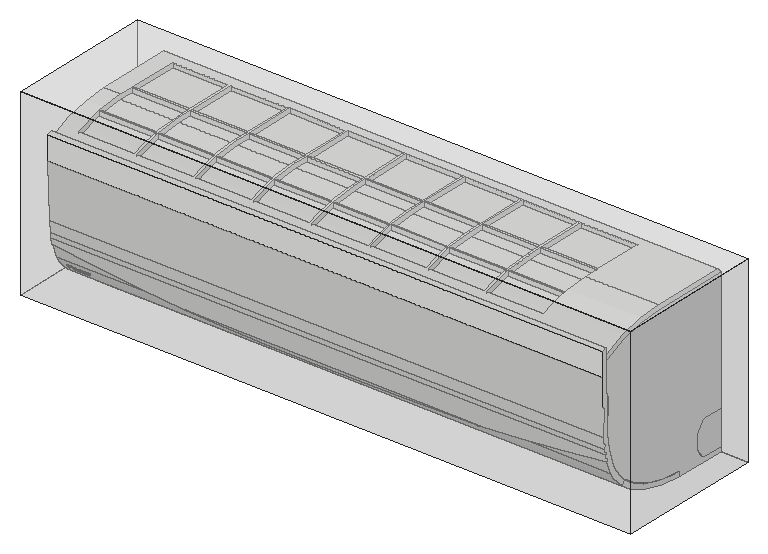
Revit family "outputfile", category 機械設備, Revit 2024
Family settings
  丸型コネクタ寸法 = 半径を使用
  パーツ タイプ = 標準
  OmniClass 番号 = 23.75.10.24.21.27.27
  OmniClass タイトル = Split System Air Conditioning Units
  作業面ベース = いいえ
  常に垂直 = はい
  ロード時にボイドで切り取り = いいえ
  注釈の向きを維持 = いいえ
  共有 = いいえ
  部屋計算ポイント = いいえ
Parameters (values of type "FTKM71Q2VMA")
  書き出し IFC クラス(タイプ) = "IfcUnitaryEquipmentType"
  定義済み IFC タイプ(タイプ) = "AIRCONDITIONINGUNIT"
  Cost = 0
  Type Comments = ""
  Keynote = ""
  Type Image = (empty or 0)
  Assembly Code = ""
  w_wall hole = if(Width = 770.0 mm, 48.0 mm, 60.0 mm)  # 60.0 mm
  製造元 = "Daikin"
  モデル = "FTKM71Q2VMA"
  switch_frequency = yes
  r_Liquid Pipe Size = Liquid Pipe Size / 2  # 3.2 mm
  r_Gas Pipe Size = Gas Pipe Size / 2  # 7.95 mm
  r_Drain Pipe Size = Drain Pipe Size / 2  # 8.0 mm
  lw_powersupply [instance] = if(Width = 770.0 mm, if(or(Rear Right Connection_refrigerant, Bottom Right Connection_refrigerant), 25.0 mm, if(or(Rear Left Connection_refrigerant, Bottom Left Connection_refrigerant), 745.0 mm, 400.0 mm)), if(Width = 990.0 mm, if(or(Rear Right Connection_refrigerant, Bottom Right Connection_refrigerant), 40.0 mm, if(or(Rear Left Connection_refrigerant, Bottom Left Connection_refrigerant), 920.0 mm, 400.0 mm)), if(or(Rear Right Connection_refrigerant, Bottom Right Connection_refrigerant), 40.0 mm, if(or(Rear Left Connection_refrigerant, Bottom Left Connection_refrigerant), 920.0 mm, 400.0 mm))))  # 400.0 mm
  lw_liquidpipe [instance] = if(Width = 770.0 mm, if(or(Rear Right Connection_refrigerant, Bottom Right Connection_refrigerant), 0.0 mm, if(or(Rear Left Connection_refrigerant, Bottom Left Connection_refrigerant), 664.0 mm, 385.0 mm)), if(Width = 990.0 mm, if(or(Rear Right Connection_refrigerant, Bottom Right Connection_refrigerant), 0.0 mm, if(or(Rear Left Connection_refrigerant, Bottom Left Connection_refrigerant), 664.0 mm + (990.0 mm - 770.0 mm), 475.0 mm)), if(or(Rear Right Connection_refrigerant, Bottom Right Connection_refrigerant), 0.0 mm, if(or(Rear Left Connection_refrigerant, Bottom Left Connection_refrigerant), 664.0 mm + (990.0 mm - 770.0 mm), 475.0 mm))))  # 475.0 mm
  lw_gaspipe [instance] = if(Width = 770.0 mm, if(or(Rear Right Connection_refrigerant, Bottom Right Connection_refrigerant), 0.0 mm, if(or(Rear Left Connection_refrigerant, Bottom Left Connection_refrigerant), 675.0 mm, if(Gas Pipe Size = 12.7 mm, 345.0 mm, 335.0 mm))), if(Width = 990.0 mm, if(or(Rear Right Connection_refrigerant, Bottom Right Connection_refrigerant), 10.0 mm, if(or(Rear Left Connection_refrigerant, Bottom Left Connection_refrigerant), 890.0 mm, if(Gas Pipe Size = 15.9 mm, 410.0 mm, 400.0 mm))), if(or(Rear Right Connection_refrigerant, Bottom Right Connection_refrigerant), 10.0 mm, if(or(Rear Left Connection_refrigerant, Bottom Left Connection_refrigerant), 890.0 mm, if(Gas Pipe Size = 15.9 mm, 410.0 mm, 400.0 mm)))))  # 410.0 mm
  lw_drainpipe [instance] = if(Width = 770.0 mm, if(or(Rear Right Connection_refrigerant, Bottom Right Connection_refrigerant), 0.0 mm, if(or(Rear Left Connection_refrigerant, Bottom Left Connection_refrigerant), 770.0 mm - 48.0 mm - 48.0 mm, 440.0 mm)), if(Width = 990.0 mm, if(or(Rear Right Connection_refrigerant, Bottom Right Connection_refrigerant), 0.0 mm, if(or(Rear Left Connection_refrigerant, Bottom Left Connection_refrigerant), 675.0 mm + (990.0 mm - 770.0 mm), 435.0 mm)), if(or(Rear Right Connection_refrigerant, Bottom Right Connection_refrigerant), 0.0 mm, if(or(Rear Left Connection_refrigerant, Bottom Left Connection_refrigerant), 675.0 mm + (990.0 mm - 770.0 mm), 435.0 mm))))  # 435.0 mm
  l_powersupply_length [instance] = if(Width = 770.0 mm, if(Right Connection_refrigerant, 400.0 mm, if(Left Connection_refrigerant, 770.0 mm - 400.0 mm, if(or(Rear Left Connection_refrigerant, Rear Right Connection_refrigerant), 15.0 mm, 50.0 mm))), if(Width = 990.0 mm, if(Right Connection_refrigerant, 400.0 mm, if(Left Connection_refrigerant, 990.0 mm - 400.0 mm, if(or(Rear Left Connection_refrigerant, Rear Right Connection_refrigerant), 15.0 mm, 50.0 mm))), if(Right Connection_refrigerant, 400.0 mm, if(Left Connection_refrigerant, 990.0 mm - 400.0 mm, if(or(Rear Left Connection_refrigerant, Rear Right Connection_refrigerant), 15.0 mm, 50.0 mm)))))  # 400.0 mm
  l_liquidpipe_length [instance] = if(Width = 770.0 mm, if(Right Connection_refrigerant, 433.0 mm, if(Left Connection_refrigerant, 337.0 mm, if(or(Rear Left Connection_refrigerant, Rear Right Connection_refrigerant), 30.0 mm, 40.0 mm))), if(Width = 990.0 mm, if(Right Connection_refrigerant, 535.0 mm, if(Left Connection_refrigerant, 455.0 mm, if(or(Rear Left Connection_refrigerant, Rear Right Connection_refrigerant), 30.0 mm, 40.0 mm))), if(Right Connection_refrigerant, 535.0 mm, if(Left Connection_refrigerant, 455.0 mm, if(or(Rear Left Connection_refrigerant, Rear Right Connection_refrigerant), 30.0 mm, 40.0 mm)))))  # 535.0 mm
  l_gaspipe_length [instance] = if(Width = 770.0 mm, if(Right Connection_refrigerant, if(Gas Pipe Size = 12.7 mm, 393.0 mm, 383.0 mm), if(Left Connection_refrigerant, if(Gas Pipe Size = 12.7 mm, 770.0 mm - 393.0 mm, 770.0 mm - 383.0 mm), if(or(Rear Left Connection_refrigerant, Rear Right Connection_refrigerant), 40.0 mm, 50.0 mm))), if(Width = 990.0 mm, if(Right Connection_refrigerant, if(Gas Pipe Size = 15.9 mm, 470.0 mm, 460.0 mm), if(Left Connection_refrigerant, if(Gas Pipe Size = 15.9 mm, 990.0 mm - 470.0 mm, 990.0 mm - 460.0 mm), if(or(Rear Left Connection_refrigerant, Rear Right Connection_refrigerant), 40.0 mm, 50.0 mm))), if(Right Connection_refrigerant, if(Gas Pipe Size = 15.9 mm, 470.0 mm, 460.0 mm), if(Left Connection_refrigerant, if(Gas Pipe Size = 15.9 mm, 990.0 mm - 470.0 mm, 990.0 mm - 460.0 mm), if(or(Rear Left Connection_refrigerant, Rear Right Connection_refrigerant), 40.0 mm, 50.0 mm)))))  # 470.0 mm
  l_drainpipe_length [instance] = if(Width = 770.0 mm, if(Right Connection_refrigerant, 488.0 mm, if(Left Connection_refrigerant, 282.0 mm, if(or(Rear Left Connection_refrigerant, Rear Right Connection_refrigerant), 15.0 mm, 20.0 mm))), if(Width = 990.0 mm, if(Right Connection_refrigerant, 495.0 mm, if(Left Connection_refrigerant, 495.0 mm, if(or(Rear Left Connection_refrigerant, Rear Right Connection_refrigerant), 15.0 mm, 20.0 mm))), if(Right Connection_refrigerant, 495.0 mm, if(Left Connection_refrigerant, 495.0 mm, if(or(Rear Left Connection_refrigerant, Rear Right Connection_refrigerant), 15.0 mm, 20.0 mm)))))  # 495.0 mm
  h*** = 0.0 mm  # constant formula
  connector_voltage = Voltage_50Hz  # 230 V
  connector_powerinput = [Power Input (Cooling)]  # 0.000 kW
  connector_phase = Phase_50Hz  # 1
  angle_vertical [instance] = if(or(Bottom Left Connection_refrigerant, Bottom Right Connection_refrigerant), 0.00°, 90.00°)  # 90.00°
  angle_horizontal [instance] = if(Right Connection_refrigerant, 90.00°, if(Left Connection_refrigerant, -90.00°, if(or(Rear Left Connection_refrigerant, Rear Right Connection_refrigerant), 180.00°, 0.00°)))  # 90.00°
  Width = 990.0 mm
  Voltage_comment_50Hz = "220 - 240"
  Voltage_50Hz = 230 V
  Version = "ver.1.0"
  Unit Type = "Wall Mounted"
  Unit Mass Weight = 13.00 kg
  Unit Designation [instance] = ""
  Uniclass2015Version = "Products v1.30"
  Uniclass2015Title = "Split coil room air conditioning units"
  Uniclass2015Code = "Pr_70_65_03_86"
  URL = ""
  Total Cooling Capacity [instance] = 0.000 kW
  Sound Pressure Level_M speed (dBA) = 45
  Sound Pressure Level_L speed (dBA) = 37
  Sound Pressure Level_H speed (dBA) = 49
  Sound Power Level_H speed (dB) = 0
  Series = "Single Split_Fan Coil Unit"
  Sensible Cooling Capacity [instance] = 0.000 kW
  Refrigerant Type = "R32"
  Power Input (Cooling) = 0.000 kW
  Phase_50Hz = 1
  Option Accessory 3 [instance] = ""
  Option Accessory 2 [instance] = ""
  Option Accessory 1 [instance] = ""
  Nominal Cooling Capacity = 7.100 kW
  Minimum Circuit Amps_50Hz = 0.0 A
  Minimum Airflow = 738.00 m³/h
  Median Airflow = 936.00 m³/h
  Maximum Fuse Amps_50Hz = 0.0 A
  Maximum Airflow = 1120.00 m³/h
  Material_Casing = DAIKIN_PureWhite_Casing_indoorunit
  Load Classification = HVAC
  Liquid Pipe Size = 6.4 mm
  Link_Nested Family [instance] = ""
  IfcVersion = ""
  IfcExportType = "AIRCONDITIONINGUNIT"
  IfcExportAs = "IfcUnitaryEquipmentType"
  Height = 295.0 mm
  Heat Exchanger Type = "Cross Fin Coil"
  Gas Pipe Size = 15.9 mm
  Frequency_50Hz = 50 Hz
  Fan Type = "Cross Flow Fan"
  Fan Drive = "Direct Drive"
  FCU Tag No. [instance] = ""
  Drain Pipe Size = 16.0 mm
  Design Supply Airflow [instance] = 0.00 m³/h
  Description = ""
  Depth = 263.0 mm
  既定の高さ = 0.0 mm
  Cooling Entering Wet Bulb Temperature [instance] = 0.00 °C
  Cooling Entering Dry Bulb Temperature [instance] = 0.00 °C
  Cooling Ambient Wet Bulb Temperature [instance] = 0.00 °C
  Cooling Ambient Dry Bulb Temperature [instance] = 0.00 °C
  Clearance visibility [instance] = yes
  Clearance Top = 30.0 mm
  Clearance Right = 50.0 mm
  Clearance Rear = 0.0 mm
  Clearance Left = 50.0 mm
  Clearance Front = 0.0 mm
  Clearance Bottom = 0.0 mm
  Bottom Right Connection_refrigerant [instance] = no
  Bottom Left Connection_refrigerant [instance] = no
  Rear Right Connection_refrigerant [instance] = no
  Rear Left Connection_refrigerant [instance] = no
  Right Connection_refrigerant [instance] = yes
  Left Connection_refrigerant [instance] = no
Reference planes
  plane 1 "Back": y = 0
  plane 2: z = 0
  plane 3 "Center (Left/Right)": x = 0
  plane 4 "Center (Front/Back)": y = -131.5
  plane 5 "Front": y = -263
  plane 6 "Left": x = -495
  plane 7 "Right": x = 495
  plane 8 "Top": z = 0
  plane 9 "Bottom": z = -295
  plane 10: x = -545
  plane 11: x = 545
  plane 12: y = 0
  plane 13: y = -263
  plane 14: z = 30
  plane 15: z = -295
  plane 16 "lw_Piping and Wiring intake": x = 435
  plane 17 "lw_gaspipe": x = 25
  plane 18 "lw_liquidpipe": x = -40
  plane 19 "lw_drainpipe": x = 0
  plane 20 "lh_drainpipe": z = -275
  plane 21 "lh_liquidpipe": z = -255
  plane 22 "lh_gaspipe": z = -245
  plane 23 "ld_drainpipe": y = -15
  plane 24 "ld_liquidpipe": y = -30
  plane 25 "ld_gaspipe": y = -40
  plane 26 "lw_powersupply": x = 95
Dimensions and locks
  equal spacing: plane 6 "Left", plane 3 "Center (Left/Right)", plane 7 "Right"
  "Width": plane 6 "Left" to plane 7 "Right"
  equal spacing: plane 5 "Front", plane 4 "Center (Front/Back)", plane 1 "Back"
  "Depth": plane 5 "Front" to plane 1 "Back"
  "Height": plane 8 "Top" to plane 9 "Bottom"
  "Clearance Rear": plane 12 to plane 1 "Back"
  "Clearance Front": plane 13 to plane 5 "Front"
  "Clearance Top": plane 14 to plane 8 "Top"
  "Clearance Bottom": plane 9 "Bottom" to plane 15
  "w_wall hole": plane 16 "lw_Piping and Wiring intake" to plane 7 "Right"
  "lw_gaspipe": plane 17 "lw_gaspipe" to plane 16 "lw_Piping and Wiring intake"
  "lw_liquidpipe": plane 18 "lw_liquidpipe" to plane 16 "lw_Piping and Wiring intake"
  "lw_drainpipe": plane 19 "lw_drainpipe" to plane 16 "lw_Piping and Wiring intake"
  locked: plane 20 "lh_drainpipe" to plane 9 "Bottom" at 20
  locked: plane 21 "lh_liquidpipe" to plane 9 "Bottom" at 40
  locked: plane 22 "lh_gaspipe" to plane 9 "Bottom" at 50
  locked: plane 23 "ld_drainpipe" to plane 1 "Back" at 15
  locked: plane 1 "Back" to plane 24 "ld_liquidpipe" at 30
  locked: plane 1 "Back" to plane 25 "ld_gaspipe" at 40
  "lw_powersupply": plane 26 "lw_powersupply" to plane 7 "Right"
  "Clearance Right": plane 7 "Right" to plane 11
  "Clearance Left": plane 10 to plane 6 "Left"
  aligned and locked: level to plane 2
  aligned and locked: plane 12 to nested 1
  aligned and locked: nested 1 to plane 13
  aligned and locked: plane 10 to nested 1
  aligned and locked: plane 11 to nested 1
  aligned and locked: plane 15 to nested 1
  aligned and locked: plane 14 to nested 1
  aligned and locked: plane 17 "lw_gaspipe" to nested 2
  aligned and locked: nested 2 to plane 25 "ld_gaspipe"
  aligned and locked: plane 18 "lw_liquidpipe" to nested 3
  aligned and locked: nested 3 to plane 24 "ld_liquidpipe"
  aligned and locked: plane 19 "lw_drainpipe" to nested 4
  aligned and locked: nested 4 to plane 23 "ld_drainpipe"
  aligned and locked: nested 5 to plane 23 "ld_drainpipe"
  aligned and locked: plane 26 "lw_powersupply" to nested 5
  aligned and locked: level to plane 8 "Top"
  aligned and locked: plane 3 "Center (Left/Right)" to nested 6
  aligned and locked: plane 1 "Back" to nested 6
  aligned and locked: plane 8 "Top" to nested 6
Nested families
  nested 1: "daikin_clearancespace" at (0, -131.5, -132.381), show <- "Clearance visibility", visible <- "Clearance visibility", Link_Nested Family <- "Link_Nested Family", type "daikin_clearancespace"
    with width 1090.0 mm, show yes, height 325.0 mm, depth 263.0 mm, Link_Nested Family ""
  nested 2: "daikin_connector_rotate3" at (25, -40, -245), angle_vertical <- "angle_vertical", angle_horizontal <- "angle_horizontal", length <- "l_gaspipe_length", radius <- "r_Gas Pipe Size", type "daikin_connector_rotate3"
    with show no, radius 7.95 mm, length 470.0 mm, angle_vertical 90.00°, angle_horizontal 90.00°
  nested 3: "daikin_connector_rotate3" at (-40, -30, -255), angle_vertical <- "angle_vertical", angle_horizontal <- "angle_horizontal", radius <- "r_Liquid Pipe Size", length <- "l_liquidpipe_length", type "daikin_connector_rotate3"
    with show no, radius 3.2 mm, length 535.0 mm, angle_vertical 90.00°, angle_horizontal 90.00°
  nested 4: "daikin_connector_rotate3" at (0, -15, -275), angle_vertical <- "angle_vertical", angle_horizontal <- "angle_horizontal", length <- "l_drainpipe_length", radius <- "r_Drain Pipe Size", type "daikin_connector_rotate3"
    with show no, radius 8.0 mm, length 495.0 mm, angle_vertical 90.00°, angle_horizontal 90.00°
  nested 5: "daikin_connector_rotate3" at (95, -15, -245), angle_vertical <- "angle_vertical", angle_horizontal <- "angle_horizontal", length <- "l_powersupply_length", type "daikin_connector_rotate3"
    with show no, radius 10.0 mm, length 400.0 mm, angle_vertical 90.00°, angle_horizontal 90.00°
  nested 6: "DAIKIN_indoorunit_FTKM-Q2VMA" at (-31, 0, 0), type "FTKM-Q2VMA"
    with switch_unit1_50-71 yes, switch_unit1_20-46 no, Width 990.0 mm, WALL HOLE-R 60.0 mm, WALL HOLE Size 80.0 mm, Height 295.0 mm
Connectors
  piping at (495, -40, -245), diameter 15.9, driven by "r_Gas Pipe Size"
    settings: on nested 2, index 1, connector inside diameter 609.6 mm, connector length 0.0 mm, flow factor 0, pipe flow 0.00 m³/h, pressure drop 0.0 Pa, fitting loss kfactor 0, connector angle 0.00°, fixture units 0, engagement length 0.0 mm, angle of deflection 0.00°, flow configuration 1, flow direction 2, fitting loss method 0, system type 29, joint type 0, gender type 0, connector reference index -1, connector utility 0, adjustable connector no, is connector primary yes, connector description "Refrigerant Gas Piping"
  piping at (495, -30, -255), diameter 6.4, driven by "r_Liquid Pipe Size"
    settings: on nested 3, index 2, connector inside diameter 609.6 mm, connector length 0.0 mm, flow factor 0, pipe flow 0.00 m³/h, pressure drop 0.0 Pa, fitting loss kfactor 0, connector angle 0.00°, fixture units 0, engagement length 0.0 mm, angle of deflection 0.00°, flow configuration 1, flow direction 1, fitting loss method 0, system type 29, joint type 0, gender type 0, connector reference index -1, connector utility 0, adjustable connector no, is connector primary no, connector description "Refrigerant Liquid Piping"
  piping at (495, -15, -275), diameter 16, driven by "r_Drain Pipe Size"
    settings: on nested 4, index 3, connector inside diameter 609.6 mm, connector length 0.0 mm, flow factor 0, pipe flow 0.00 m³/h, pressure drop 0.0 Pa, fitting loss kfactor 0, connector angle 0.00°, fixture units 0, engagement length 0.0 mm, angle of deflection 0.00°, flow configuration 1, flow direction 2, fitting loss method 4, system type 16, joint type 0, gender type 0, connector reference index -1, connector utility 0, adjustable connector no, is connector primary no, connector description "Condensate Drain Piping"
  electrical at (495, -15, -245), driven by "Load Classification", driven by "connector_powerinput", driven by "connector_voltage", driven by "connector_phase"
    settings: on nested 5, index 4, voltage 230 V, apparent load 0 VA, apparent load phase1 0 VA, apparent load phase2 0 VA, apparent load phase3 0 VA, power factor 1, load classification "HVAC", number of poles 1, system type 30, power factor state 1, is connector primary yes, connector utility no, sub classification motor no, connector description "Power Supply"
Definition of nested family "daikin_clearancespace"
  Parameters (values of type "daikin_clearancespace")
    Description = "daikin_clearancespace"
    width [instance] = 1823.963 mm
    show [instance] = yes
    material = none
    height [instance] = 1359.762 mm
    depth [instance] = 880.0 mm
    Default Elevation = 0.0 mm
    Link_Nested Family [instance] = ""
  Reference planes
    plane 1 "Center (Front/Back)": y = 0
    plane 2 "Center (Elevation)": z = -0.119
    plane 3 "Center (Left/Right)": x = 0
    plane 4: y = 440
    plane 5: y = -440
    plane 6 "Right": x = 911.982
    plane 7 "Left": x = -911.982
    plane 8 "Top": z = 679.762
    plane 9 "Bottom": z = -680
  Forms (mm)
    Extrusion 1, solid, material <- "material", visible <- "show"
      sketch origin (0, 0, 0) x (1, 0, 0) y (0, 1, 0)
        loop
          line (-911.982, 440) -> (-911.982, -440) -> (911.982, -440) -> (911.982, 440) -> (-911.982, 440)
      from -680 to 679.762
  Lines and regions (mm)
    symbolic lines, visible <- "show"
      curve 1: line (911.982, 440, 0) -> (-911.982, 440, 0)
      curve 2: line (-911.982, 440, 0) -> (-911.982, -440, 0)
      curve 3: line (-911.982, -440, 0) -> (911.982, -440, 0)
      curve 4: line (911.982, -440, 0) -> (911.982, 440, 0)
      curve 5: line (911.982, 0, 679.762) -> (-911.982, 0, 679.762)
      curve 6: line (911.982, 0, -680) -> (911.982, 0, 679.762)
      curve 7: line (-911.982, 0, -680) -> (911.982, 0, -680)
      curve 8: line (-911.982, 0, 679.762) -> (-911.982, 0, -680)
      curve 9: line (0, 440, 679.762) -> (0, -440, 679.762)
      curve 10: line (0, -440, 679.762) -> (0, -440, -680)
      curve 11: line (0, 440, -680) -> (0, 440, 679.762)
      curve 12: line (0, -440, -680) -> (0, 440, -680)
  Dimensions and locks
    "width": plane 7 "Left" to plane 6 "Right"
    "depth": plane 4 to plane 5
    "height": plane 8 "Top" to plane 9 "Bottom"
    equal spacing: plane 7 "Left", plane 3 "Center (Left/Right)", plane 6 "Right"
    equal spacing: plane 4, plane 1 "Center (Front/Back)", plane 5
    equal spacing: plane 8 "Top", plane 2 "Center (Elevation)", plane 9 "Bottom"
    aligned and locked: level to plane 2 "Center (Elevation)"
    aligned and locked: Extrusion 1 sketch curve to plane 4
    aligned and locked: plane 7 "Left" to Extrusion 1 sketch curve
    aligned and locked: Extrusion 1 sketch curve to plane 5
    aligned and locked: Extrusion 1 sketch curve to plane 6 "Right"
    aligned and locked: plane 8 "Top" to Extrusion 1
    aligned and locked: curve 1 to Extrusion 1
    aligned and locked: curve 2 to Extrusion 1
    aligned and locked: curve 3 to Extrusion 1
    aligned and locked: curve 4 to Extrusion 1
    aligned and locked: curve 5 to Extrusion 1
    aligned and locked: curve 6 to Extrusion 1
    aligned and locked: curve 7 to Extrusion 1
    aligned and locked: curve 8 to Extrusion 1
    aligned and locked: curve 9 to Extrusion 1
    aligned and locked: curve 10 to Extrusion 1
    aligned and locked: curve 11 to Extrusion 1
    aligned and locked: curve 12 to Extrusion 1
    aligned and locked: Extrusion 1 to plane 9 "Bottom"
Definition of nested family "DAIKIN_indoorunit_FTKM-Q2VMA"
  Parameters (values of type "FTKM-QVMA")
    switch_unit1_50-71 = Width = 990.0 mm  # no
    switch_unit1_20-46 = Width = 770.0 mm  # yes
    Width = 770.0 mm
    WALL HOLE-R = if(Width = 770.0 mm, 48.0 mm, 60.0 mm)  # 48.0 mm
    WALL HOLE Size = if(Width = 770.0 mm, 65.0 mm, 80.0 mm)  # 65.0 mm
    Material_Casing = none
    Height = if(Width = 770.0 mm, 285.0 mm, 295.0 mm)  # 285.0 mm
    Default Elevation = 0.0 mm
  Reference planes
    plane 1 "Center (Front/Back)": y = 0
    plane 2 "reference_level": z = 0
    plane 3 "Center (Left/Right)": x = 31
    plane 4: x = -354
    plane 5: x = 416
    plane 6: z = -285
  Forms (mm)
    Extrusion 1, solid, material <- "Material_Casing", visible <- "switch_unit1_20-46"
      sketch origin (29, 0, 0) x (0, 1, 0) y (0, 0, 1)
        loop
          line (-5, 0) -> (-98, 0)
          arc (-98, 0) -> (-157.611, -7.211) -> (-213.783, -28.427) r 250
          arc (-213.783, -28.427) -> (-213.842, -32.972) -> (-213.892, -37.516) r 2191
          arc (-213.892, -37.516) -> (-157.832, -15.495) -> (-98.07, -8) r 242
          line (-98.07, -8) -> (0, -8) -> (-5, 0)
      from -383 to 387
    Extrusion 2, solid, material <- "Material_Casing", visible <- "switch_unit1_20-46"
      sketch origin (416, 1296.25, 1200) x (0, 1, 0) y (0, 0, 1)
        loop
          line (-1472.998, -1446.91) -> (-1476.998, -1453.839)
          arc (-1476.998, -1453.839) -> (-1437.481, -1472.422) -> (-1395.25, -1483.538) r 240
          line (-1395.25, -1483.538) -> (-1395.25, -1475.422)
          arc (-1395.25, -1475.422) -> (-1435.407, -1464.663) -> (-1472.998, -1446.91) r 232
      from 0 to -47.5
    Extrusion 3, solid, material <- "Material_Casing", visible <- "switch_unit1_20-46"
      sketch origin (29, 0, 0) x (0, 1, 0) y (0, 0, 1)
        loop
          arc (-223, -60.455) -> (-222.414, -110.646) -> (-220.656, -160.81) r 2149.92
          arc (-220.656, -160.81) -> (-219.65, -174.299) -> (-217.853, -187.706) r 229.911
          arc (-217.853, -187.706) -> (-205.371, -223.594) -> (-181.517, -253.17) r 111
          line (-181.517, -253.17) -> (-177.429, -246.093)
          arc (-177.429, -246.093) -> (-198.77, -218.989) -> (-209.965, -186.36) r 103
          arc (-209.965, -186.36) -> (-211.681, -173.586) -> (-212.651, -160.735) r 221.844
          arc (-212.651, -160.735) -> (-214.739, -93.233) -> (-214.74, -25.699) r 2186.828
          arc (-214.74, -25.699) -> (-214.671, -21.467) -> (-214.594, -17.235) r 2192
          line (-214.594, -17.235) -> (-223, -19.961) -> (-223, -60.455)
      from -383 to 387
    Extrusion 4, solid, material <- "Material_Casing", visible <- "switch_unit1_20-46"
      sketch origin (29, 0, 0) x (0, 1, 0) y (0, 0, 1)
        loop
          line (-181.517, -253.17) -> (-179.597, -249.846)
          arc (-179.597, -249.846) -> (-202.009, -221.399) -> (-213.189, -186.952) r 103
          line (-213.189, -186.952) -> (-217.853, -187.706)
          arc (-217.853, -187.706) -> (-217.533, -189.556) -> (-217.182, -191.4) r 111
          arc (-217.182, -191.4) -> (-213.806, -208.181) -> (-210.362, -224.948) r 4257.809
          arc (-210.362, -224.948) -> (-198.886, -237.857) -> (-186.225, -249.607) r 180
          line (-186.225, -249.607) -> (-181.517, -253.17)
      from -383 to 387
    Extrusion 5, solid, material <- "Material_Casing", visible <- "switch_unit1_20-46"
      sketch origin (29, 0, -20) x (0, 1, 0) y (0, 0, 1)
        loop
          line (0, -265) -> (0, 12) -> (-98.07, 12)
          arc (-98.07, 12) -> (-157.832, 4.505) -> (-213.892, -17.516) r 242
          arc (-213.892, -17.516) -> (-213.638, -79.114) -> (-211.653, -140.681) r 2191
          arc (-211.653, -140.681) -> (-210.685, -153.501) -> (-208.973, -166.243) r 221
          arc (-208.973, -166.243) -> (-197.471, -199.282) -> (-175.482, -226.491) r 102
          arc (-175.482, -226.491) -> (-138.004, -244.019) -> (-98, -254.579) r 231
          line (-98, -254.579) -> (-98, -265) -> (0, -265)
      from -383 to 387
    Extrusion 6, solid, material <- "Material_Casing", visible <- "switch_unit1_20-46"
      sketch origin (-354, 1296.25, 1200) x (0, 1, 0) y (0, 0, 1)
        loop
          line (-1472.998, -1446.91) -> (-1476.998, -1453.839)
          arc (-1476.998, -1453.839) -> (-1437.481, -1472.422) -> (-1395.25, -1483.538) r 240
          line (-1395.25, -1483.538) -> (-1395.25, -1475.422)
          arc (-1395.25, -1475.422) -> (-1435.407, -1464.663) -> (-1472.998, -1446.91) r 232
      from 47 to 0
    Extrusion 7, solid, material <- "Material_Casing", visible <- "switch_unit1_20-46"
      sketch origin (416, 1296.25, 1200) x (0, 1, 0) y (0, 0, 1)
        loop
          line (-1472.998, -1446.91) -> (-1476.998, -1453.839)
          arc (-1476.998, -1453.839) -> (-1443.437, -1470.168) -> (-1407.75, -1481.097) r 240
          line (-1407.75, -1481.097) -> (-1407.75, -1472.894)
          arc (-1407.75, -1472.894) -> (-1441.363, -1462.385) -> (-1472.998, -1446.91) r 232
      from -116.993 to -48.493
    Extrusion 8, solid, material <- "Material_Casing", visible <- "switch_unit1_20-46"
      sketch origin (416, 1296.25, 1200) x (0, 1, 0) y (0, 0, 1)
        loop
          line (-1472.998, -1446.91) -> (-1476.998, -1453.839)
          arc (-1476.998, -1453.839) -> (-1443.437, -1470.168) -> (-1407.75, -1481.097) r 240
          line (-1407.75, -1481.097) -> (-1407.75, -1472.894)
          arc (-1407.75, -1472.894) -> (-1441.363, -1462.385) -> (-1472.998, -1446.91) r 232
      from -717 to -121.993
    Extrusion 9, void
      sketch origin (31, 0, -235) x (1, 0, 0) y (0, 1, 0)
        loop
          line (-252.674, -22.316) -> (-354.941, -22.316) -> (-354.941, -91.341) -> (-252.674, -91.341) -> (-252.674, -22.316)
        loop
          line (-249.341, -91.341) -> (-151.574, -91.341) -> (-151.574, -22.316) -> (-249.341, -22.316) -> (-249.341, -91.341)
        loop
          line (58.309, -22.316) -> (-148.309, -22.316) -> (-148.309, -91.341) -> (58.309, -91.341) -> (58.309, -22.316)
        loop
          line (61.689, -22.316) -> (61.689, -91.341) -> (159.457, -91.341) -> (159.457, -22.316) -> (61.689, -22.316)
        loop
          line (162.789, -22.316) -> (162.789, -91.341) -> (265.057, -91.341) -> (265.057, -22.316) -> (162.789, -22.316)
        loop
          line (-354.941, -94.659) -> (-354.941, -165.259) -> (-252.674, -165.259) -> (-252.674, -94.659) -> (-354.941, -94.659)
        loop
          line (-249.341, -94.659) -> (-249.341, -165.259) -> (-151.574, -165.259) -> (-151.574, -94.659) -> (-249.341, -94.659)
        loop
          line (-148.309, -94.659) -> (-148.309, -165.259) -> (58.309, -165.259) -> (58.309, -94.659) -> (-148.309, -94.659)
        loop
          line (61.689, -94.659) -> (61.689, -165.259) -> (159.457, -165.259) -> (159.457, -94.659) -> (61.689, -94.659)
        loop
          line (162.789, -94.659) -> (162.789, -165.259) -> (265.057, -165.259) -> (265.057, -94.659) -> (162.789, -94.659)
        loop
          line (-354.941, -167.382) -> (-354.941, -192.681) -> (-252.674, -192.681) -> (-252.674, -167.382) -> (-354.941, -167.382)
        loop
          line (-249.341, -167.382) -> (-249.341, -192.681) -> (-151.574, -192.681) -> (-151.574, -167.382) -> (-249.341, -167.382)
        loop
          line (-148.309, -167.382) -> (-148.309, -192.681) -> (58.309, -192.681) -> (58.309, -167.382) -> (-148.309, -167.382)
        loop
          line (159.457, -167.382) -> (61.689, -167.382) -> (61.689, -192.681) -> (159.457, -192.681) -> (159.457, -167.382)
        loop
          line (265.057, -167.382) -> (162.789, -167.382) -> (162.789, -192.681) -> (265.057, -192.681) -> (265.057, -167.382)
      from 201.638 to 250
    Extrusion 10, void
      sketch origin (31, 0, 0) x (1, 0, 0) y (0, 0, 1)
        loop
          arc (597, -174.907) -> (0.056, -245.263) -> (-597, -175.856) r 2585.042
          line (-597, -175.856) -> (-597, -352.872) -> (597, -352.872) -> (597, -174.907)
      from 173 to 315.3
    Extrusion 11, solid, material <- "Material_Casing"
      sketch origin (31, 0, 0) x (1, 0, 0) y (0, 0, 1)
        loop
          circle (337, -240.5) r 32.5
        loop
          circle (-337, -240.5) r 32.5
      from 0 to 5
    Extrusion 12, solid, material <- "Material_Casing", visible <- "switch_unit1_20-46"
      sketch origin (416, 1296.25, 1200) x (0, -1, 0) y (0, 0, 1)
        loop
          line (1326.25, -1417) -> (1296.25, -1417) -> (1296.25, -1477) -> (1326.25, -1477)
          arc (1326.25, -1477) -> (1340.393, -1471.142) -> (1346.25, -1457) r 20
          line (1346.25, -1457) -> (1346.25, -1437)
          arc (1346.25, -1437) -> (1340.393, -1422.858) -> (1326.25, -1417) r 20
      from 0 to 5
    Extrusion 13, solid, material <- "Material_Casing", visible <- "switch_unit1_20-46"
      sketch origin (-354, 1296.25, 1200) x (0, 1, 0) y (0, 0, 1)
        loop
          line (-1296.25, -1417) -> (-1326.25, -1417)
          arc (-1326.25, -1417) -> (-1340.393, -1422.858) -> (-1346.25, -1437) r 20
          line (-1346.25, -1437) -> (-1346.25, -1457)
          arc (-1346.25, -1457) -> (-1340.393, -1471.142) -> (-1326.25, -1477) r 20
          line (-1326.25, -1477) -> (-1296.25, -1477) -> (-1296.25, -1417)
      from 0 to 5
    Extrusion 14, solid, material <- "Material_Casing", visible <- "switch_unit1_20-46"
      sketch origin (31, 0, -285) x (-1, 0, 0) y (0, -1, 0)
        loop
          line (-314, 0) -> (-314, 30)
          arc (-314, 30) -> (-319.858, 44.142) -> (-334, 50) r 20
          line (-334, 50) -> (-354, 50)
          arc (-354, 50) -> (-368.142, 44.142) -> (-374, 30) r 20
          line (-374, 30) -> (-374, 0) -> (-314, 0)
        loop
          line (374, 0) -> (374, 30)
          arc (374, 30) -> (368.142, 44.142) -> (354, 50) r 20
          line (354, 50) -> (334, 50)
          arc (334, 50) -> (319.858, 44.142) -> (314, 30) r 20
          line (314, 30) -> (314, 0) -> (374, 0)
      from 0 to 5
    Extrusion 15, solid, material <- "Material_Casing", visible <- "switch_unit1_50-71"
      sketch origin (31, 0, 0) x (0, 1, 0) y (0, 0, 1)
        loop
          line (-5, 0) -> (-138, 0)
          arc (-138, 0) -> (-197.611, -7.211) -> (-253.783, -28.427) r 250
          arc (-253.783, -28.427) -> (-253.838, -32.687) -> (-253.886, -36.946) r 2191
          arc (-253.886, -36.946) -> (-197.73, -15.346) -> (-138.014, -8) r 246.393
          line (-138.014, -8) -> (0, -8) -> (-5, 0)
      from -495 to 495
    Extrusion 16, solid, material <- "Material_Casing", visible <- "switch_unit1_50-71"
      sketch origin (418, 1296.25, 1200) x (0, 1, 0) y (0, 0, 1)
        loop
          arc (-1515.208, -1454.149) -> (-1506.856, -1460.599) -> (-1497.925, -1466.219) r 110
          arc (-1497.925, -1466.219) -> (-1445.718, -1487.493) -> (-1389.844, -1494.995) r 223
          line (-1389.844, -1494.995) -> (-1389.844, -1486.086) -> (-1404.386, -1486.086)
          arc (-1404.386, -1486.086) -> (-1449.542, -1477.46) -> (-1491.818, -1459.402) r 214.289
          arc (-1491.818, -1459.402) -> (-1501.056, -1453.541) -> (-1509.606, -1446.715) r 101
          line (-1509.606, -1446.715) -> (-1515.208, -1454.149)
      from 108 to 57.5
    Extrusion 17, solid, material <- "Material_Casing", visible <- "switch_unit1_50-71"
      sketch origin (31, 0, 0) x (0, 1, 0) y (0, 0, 1)
        loop
          line (-263, -19.962) -> (-263, -61.6)
          arc (-263, -61.6) -> (-262.414, -110.219) -> (-260.656, -158.81) r 2017.341
          arc (-260.656, -158.81) -> (-255.648, -191.935) -> (-244.041, -223.362) r 164.725
          arc (-244.041, -223.362) -> (-233.569, -239.793) -> (-219.717, -253.495) r 87.379
          line (-219.717, -253.495) -> (-214.706, -246.846)
          arc (-214.706, -246.846) -> (-229.564, -230.029) -> (-240.385, -210.371) r 102
          arc (-240.385, -210.371) -> (-249.049, -182.962) -> (-252.848, -154.467) r 165.789
          arc (-252.848, -154.467) -> (-254.771, -90.102) -> (-254.74, -25.708) r 2122.533
          arc (-254.74, -25.708) -> (-254.671, -21.469) -> (-254.594, -17.23) r 2192
          line (-254.594, -17.23) -> (-263, -19.962)
      from -495 to 495
    Extrusion 18, void
      sketch origin (33, 0, 0) x (1, 0, 0) y (0, 1, 0)
        loop
          line (-466.909, -22.316) -> (-466.909, -111.341) -> (-366.303, -111.341) -> (-366.303, -22.316) -> (-466.909, -22.316)
        loop
          line (-362.71, -22.316) -> (-362.71, -111.341) -> (-262.103, -111.341) -> (-262.103, -22.316) -> (-362.71, -22.316)
        loop
          line (-258.51, -22.316) -> (-258.51, -111.341) -> (-157.904, -111.341) -> (-157.904, -22.316) -> (-258.51, -22.316)
        loop
          line (-154.31, -22.316) -> (-154.31, -111.341) -> (-53.704, -111.341) -> (-53.704, -22.316) -> (-154.31, -22.316)
        loop
          line (-50.11, -22.316) -> (-50.11, -111.341) -> (50.496, -111.341) -> (50.496, -22.316) -> (-50.11, -22.316)
        loop
          line (54.089, -22.316) -> (54.089, -111.341) -> (154.696, -111.341) -> (154.696, -22.316) -> (54.089, -22.316)
        loop
          line (158.289, -22.316) -> (158.289, -111.341) -> (258.895, -111.341) -> (258.895, -22.316) -> (158.289, -22.316)
        loop
          line (262.489, -22.316) -> (262.489, -111.341) -> (363.095, -111.341) -> (363.095, -22.316) -> (262.489, -22.316)
        loop
          line (-466.909, -114.459) -> (-466.909, -185.059) -> (-366.303, -185.059) -> (-366.303, -114.459) -> (-466.909, -114.459)
        loop
          line (-362.71, -114.459) -> (-362.71, -185.059) -> (-262.103, -185.059) -> (-262.103, -114.459) -> (-362.71, -114.459)
        loop
          line (-258.51, -114.459) -> (-258.51, -185.059) -> (-157.904, -185.059) -> (-157.904, -114.459) -> (-258.51, -114.459)
        loop
          line (-154.31, -114.459) -> (-154.31, -185.059) -> (-53.704, -185.059) -> (-53.704, -114.459) -> (-154.31, -114.459)
        loop
          line (-50.11, -114.459) -> (-50.11, -185.059) -> (50.496, -185.059) -> (50.496, -114.459) -> (-50.11, -114.459)
        loop
          line (54.089, -114.459) -> (54.089, -185.059) -> (154.696, -185.059) -> (154.696, -114.459) -> (54.089, -114.459)
        loop
          line (158.289, -114.459) -> (158.289, -185.059) -> (258.895, -185.059) -> (258.895, -114.459) -> (158.289, -114.459)
        loop
          line (262.489, -114.459) -> (262.489, -185.059) -> (363.095, -185.059) -> (363.095, -114.459) -> (262.489, -114.459)
        loop
          line (-466.909, -187.382) -> (-466.909, -232.681) -> (-366.303, -232.681) -> (-366.303, -187.382) -> (-466.909, -187.382)
        loop
          line (-362.71, -187.382) -> (-362.71, -232.681) -> (-262.103, -232.681) -> (-262.103, -187.382) -> (-362.71, -187.382)
        loop
          line (-258.51, -187.382) -> (-258.51, -232.681) -> (-157.904, -232.681) -> (-157.904, -187.382) -> (-258.51, -187.382)
        loop
          line (-154.31, -187.382) -> (-154.31, -232.681) -> (-53.704, -232.681) -> (-53.704, -187.382) -> (-154.31, -187.382)
        loop
          line (-50.11, -187.382) -> (-50.11, -232.681) -> (50.496, -232.681) -> (50.496, -187.382) -> (-50.11, -187.382)
        loop
          line (54.089, -187.382) -> (54.089, -232.681) -> (154.696, -232.681) -> (154.696, -187.382) -> (54.089, -187.382)
        loop
          line (158.289, -187.382) -> (158.289, -232.681) -> (258.895, -232.681) -> (258.895, -187.382) -> (158.289, -187.382)
        loop
          line (262.489, -187.382) -> (262.489, -232.681) -> (363.095, -232.681) -> (363.095, -187.382) -> (262.489, -187.382)
      from -40.013 to 47.268
    Extrusion 19, void
      sketch origin (33, 0, 2300) x (1, 0, 0) y (0, 0, 1)
        loop
          line (705, -2672.872) -> (705, -2462.4)
          arc (705, -2462.4) -> (-2.043, -2534.819) -> (-709, -2461.567) r 3467.757
          line (-709, -2461.567) -> (-709, -2672.872) -> (705, -2672.872)
      from 173 to 315.3
    Extrusion 20, solid, material <- "Material_Casing", visible <- "switch_unit1_50-71"
      sketch origin (-356, 1296.25, 1200) x (0, 1, 0) y (0, 0, -1)
        loop
          line (-1515.208, 1454.149) -> (-1509.606, 1446.715)
          arc (-1509.606, 1446.715) -> (-1501.056, 1453.541) -> (-1491.818, 1459.402) r 101
          arc (-1491.818, 1459.402) -> (-1449.542, 1477.46) -> (-1404.386, 1486.086) r 214.289
          line (-1404.386, 1486.086) -> (-1389.844, 1486.086) -> (-1389.844, 1494.995)
          arc (-1389.844, 1494.995) -> (-1445.718, 1487.493) -> (-1497.925, 1466.219) r 223
          arc (-1497.925, 1466.219) -> (-1506.856, 1460.599) -> (-1515.208, 1454.149) r 110
      from 108 to 61
    Extrusion 21, solid, material <- "Material_Casing", visible <- "switch_unit1_50-71"
      sketch origin (418, 1296.25, 1200) x (0, 1, 0) y (0, 0, 1)
        loop
          arc (-1515.208, -1454.149) -> (-1506.856, -1460.599) -> (-1497.925, -1466.219) r 110
          arc (-1497.925, -1466.219) -> (-1463.185, -1482.066) -> (-1426.25, -1491.755) r 223
          line (-1426.25, -1491.755) -> (-1426.25, -1483.166)
          arc (-1426.25, -1483.166) -> (-1460.008, -1473.969) -> (-1491.818, -1459.402) r 214.289
          arc (-1491.818, -1459.402) -> (-1501.056, -1453.541) -> (-1509.606, -1446.715) r 101
          line (-1509.606, -1446.715) -> (-1515.208, -1454.149)
      from 56.5 to -36.993
    Extrusion 22, solid, material <- "Material_Casing", visible <- "switch_unit1_50-71"
      sketch origin (418, 1296.25, 1200) x (0, 1, 0) y (0, 0, 1)
        loop
          arc (-1426.25, -1483.166) -> (-1443.442, -1479.224) -> (-1460.25, -1473.881) r 214.289
          line (-1460.25, -1473.881) -> (-1460.25, -1483.089)
          arc (-1460.25, -1483.089) -> (-1443.421, -1488.091) -> (-1426.25, -1491.755) r 223
          line (-1426.25, -1491.755) -> (-1426.25, -1483.166)
      from -43.493 to -828.893
    Extrusion 23, solid, material <- "Material_Casing", visible <- "switch_unit1_50-71"
      sketch origin (418, 1296.25, 1200) x (0, 1, 0) y (0, 0, 1)
        loop
          arc (-1515.208, -1454.149) -> (-1506.856, -1460.599) -> (-1497.925, -1466.219) r 110
          arc (-1497.925, -1466.219) -> (-1479.479, -1475.527) -> (-1460.25, -1483.089) r 223
          line (-1460.25, -1483.089) -> (-1460.25, -1473.881)
          arc (-1460.25, -1473.881) -> (-1476.328, -1467.282) -> (-1491.818, -1459.402) r 214.289
          arc (-1491.818, -1459.402) -> (-1501.056, -1453.541) -> (-1509.606, -1446.715) r 101
          line (-1509.606, -1446.715) -> (-1515.208, -1454.149)
      from -43.493 to -828.893
    Extrusion 24, solid, material <- "Material_Casing", visible <- "switch_unit1_50-71"
      sketch origin (31, 0, 0) x (0, 1, 0) y (0, 0, 1)
        loop
          arc (-217.78, -250.924) -> (-234.088, -233.307) -> (-245.826, -212.366) r 102
          arc (-245.826, -212.366) -> (-251.608, -196.062) -> (-255.659, -179.245) r 165.789
          line (-255.659, -179.245) -> (-258.299, -179.737)
          arc (-258.299, -179.737) -> (-257.524, -183.799) -> (-256.646, -187.84) r 164.725
          arc (-256.646, -187.84) -> (-252.868, -206.25) -> (-249.973, -224.82) r 393.089
          arc (-249.973, -224.82) -> (-239.237, -236.969) -> (-227.451, -248.102) r 180
          arc (-227.451, -248.102) -> (-223.723, -250.998) -> (-219.717, -253.495) r 45.878
          line (-219.717, -253.495) -> (-217.78, -250.924)
      from -495 to 495
    Extrusion 25, solid, material <- "Material_Casing", visible <- "switch_unit1_50-71"
      sketch origin (31, 0, -30) x (0, 1, 0) y (0, 0, 1)
        loop
          line (0, 22) -> (-138.014, 22)
          arc (-138.014, 22) -> (-197.73, 14.654) -> (-253.886, -6.946) r 246.393
          arc (-253.886, -6.946) -> (-253.682, -65.635) -> (-251.855, -124.295) r 2120.935
          arc (-251.855, -124.295) -> (-248.086, -152.682) -> (-239.461, -179.988) r 164.789
          arc (-239.461, -179.988) -> (-228.903, -199.231) -> (-214.437, -215.738) r 101
          line (-214.437, -215.738) -> (-212.406, -216.221)
          arc (-212.406, -216.221) -> (-204.07, -222.837) -> (-195.079, -228.53) r 100
          arc (-195.079, -228.53) -> (-145.557, -248.629) -> (-92.593, -255.785) r 213.289
          line (-92.593, -255.785) -> (-92.593, -265) -> (0, -265) -> (0, 22)
      from -495 to 495
    Extrusion 26, solid, material <- "Material_Casing", visible <- "switch_unit1_50-71"
      sketch origin (526, 1296.25, 1200) x (0, -1, 0) y (0, 0, 1)
        loop
          line (1326.25, -1427.035) -> (1296.25, -1427.035) -> (1296.25, -1487.035) -> (1326.25, -1487.035)
          arc (1326.25, -1487.035) -> (1340.393, -1481.177) -> (1346.25, -1467.035) r 20
          line (1346.25, -1467.035) -> (1346.25, -1447.035)
          arc (1346.25, -1447.035) -> (1340.393, -1432.892) -> (1326.25, -1427.035) r 20
      from 0 to 5
    Extrusion 27, solid, material <- "Material_Casing", visible <- "switch_unit1_50-71"
      sketch origin (-459, 1296.25, 1200) x (0, -1, 0) y (0, 0, 1)
        loop
          line (1326.25, -1427.035) -> (1296.25, -1427.035) -> (1296.25, -1487.035) -> (1326.25, -1487.035)
          arc (1326.25, -1487.035) -> (1340.393, -1481.177) -> (1346.25, -1467.035) r 20
          line (1346.25, -1467.035) -> (1346.25, -1447.035)
          arc (1346.25, -1447.035) -> (1340.393, -1432.892) -> (1326.25, -1427.035) r 20
      from 0 to 5
    Extrusion 28, solid, material <- "Material_Casing", visible <- "switch_unit1_50-71"
      sketch origin (31, 200, -295) x (-1, 0, 0) y (0, -1, 0)
        loop
          line (469, 200) -> (469, 230)
          arc (469, 230) -> (463.142, 244.142) -> (449, 250) r 20
          line (449, 250) -> (429, 250)
          arc (429, 250) -> (414.858, 244.142) -> (409, 230) r 20
          line (409, 230) -> (409, 200) -> (469, 200)
        loop
          line (-469, 200) -> (-409, 200) -> (-409, 230)
          arc (-409, 230) -> (-414.858, 244.142) -> (-429, 250) r 20
          line (-429, 250) -> (-449, 250)
          arc (-449, 250) -> (-463.142, 244.142) -> (-469, 230) r 20
          line (-469, 230) -> (-469, 200)
      from 0 to 5
  Cuts and joins
    Extrusion 9 cuts Extrusion 1
    Extrusion 10 cuts Extrusion 4
    joined: Extrusion 3, Extrusion 4
    Extrusion 18 cuts Extrusion 15
    Extrusion 19 cuts Extrusion 24
    joined: Extrusion 17, Extrusion 24
  Lines and regions (mm)
    reference lines
      curve 1: line (-523, -201.911, -229.404) -> (-523, -193.542, -239.977)
      curve 2: line (-523, -240.779, -229.404) -> (-523, -232.411, -239.977)
  Dimensions and locks
    locked: Extrusion 10 sketch curve to Extrusion 10 sketch curve at 1194
    Extrusion 10 sketch curve to Extrusion 10 sketch curve = 1194.0 mm
    locked: Extrusion 12 sketch curve to Extrusion 12 sketch curve at 60
    locked: Extrusion 12 sketch curve to Extrusion 12 sketch curve at 50
    locked: Extrusion 14 sketch curve to Extrusion 14 sketch curve at 60  (x2)
    locked: Extrusion 14 sketch curve to Extrusion 14 sketch curve at 50
    equal spacing: plane 5, plane 3 "Center (Left/Right)", plane 4
    "Width": plane 5 to plane 4
    locked: Extrusion 11 sketch curve to plane 4 at 48
    "WALL HOLE-R": plane 5 to Extrusion 11 sketch curve
    "Height": plane 2 "reference_level" to plane 6
    locked: Extrusion 11 sketch curve to plane 6 at 44.5  (x2)
    locked: cut or joined group of Extrusion 3, Extrusion 4, Extrusion 10 to nested 1 at 15
    locked: Extrusion 17 to nested 2 at 15
    locked: Extrusion 26 sketch curve to Extrusion 26 sketch curve at 60
    locked: Extrusion 26 sketch curve to Extrusion 26 sketch curve at 50
    locked: Extrusion 27 sketch curve to Extrusion 27 sketch curve at 60
    locked: Extrusion 27 sketch curve to Extrusion 27 sketch curve at 50
    locked: Extrusion 28 sketch curve to Extrusion 28 sketch curve at 60  (x2)
    locked: Extrusion 28 sketch curve to Extrusion 28 sketch curve at 50  (x2)
    "WALL HOLE Size": diameter of Extrusion 11 sketch curve  (x2)
    aligned and locked: level to plane 2 "reference_level"
    aligned and locked: nested 1 to curve 1
    aligned and locked: Extrusion 13 sketch curve to Extrusion 12  (x4)
    aligned and locked: Extrusion 14 sketch curve to Extrusion 14 sketch curve  (x2)
    aligned and locked: Extrusion 11 to plane 1 "Center (Front/Back)"
    aligned and locked: nested 2 to curve 2
  Automatic sketch dimensions
    Extrusion 10 sketch curve to plane 3 "Center (Left/Right)" = 597.0 mm
    Extrusion 10 sketch curve to plane 3 "Center (Left/Right)" = 2.0 mm
    Extrusion 10 sketch curve to level = 352.872 mm
    Extrusion 10 sketch curve to level = 175.856 mm
    Extrusion 10 sketch curve to level = 174.907 mm
    curve 1 to level = 239.977 mm
    plane 1 "Center (Front/Back)" to curve 1 = 193.542 mm
    curve 2 to curve 1 = 0.0 mm
    curve 2 to curve 2 = 10.573 mm
    curve 1 to curve 1 = 10.573 mm
    curve 1 to curve 1 = 8.368 mm
    curve 1 to curve 2 = 30.5 mm
    curve 2 to curve 2 = 8.368 mm
    Extrusion 19 sketch curve to plane 3 "Center (Left/Right)" = 707.0 mm
    plane 3 "Center (Left/Right)" to Extrusion 19 sketch curve = 2.0 mm
    plane 3 "Center (Left/Right)" to Extrusion 19 sketch curve = 707.0 mm
    Extrusion 19 sketch curve to level = 372.872 mm
    Extrusion 19 sketch curve to level = 162.4 mm
    Extrusion 19 sketch curve to level = 161.567 mm
    Extrusion 1 sketch curve to level = 0.0 mm
    Extrusion 1 sketch curve to plane 1 "Center (Front/Back)" = 0.0 mm
    plane 1 "Center (Front/Back)" to Extrusion 1 sketch curve = 5.0 mm
    plane 1 "Center (Front/Back)" to Extrusion 1 sketch curve = 98.0 mm
    Extrusion 1 sketch curve to Extrusion 1 sketch curve = 0.07 mm
    Extrusion 1 sketch curve to level = 59.292 mm
    Extrusion 1 sketch curve to plane 1 "Center (Front/Back)" = 1977.0 mm
    Extrusion 1 sketch curve to level = 250.0 mm
    Extrusion 1 sketch curve to Extrusion 1 sketch curve = 0.0 mm
    Extrusion 1 sketch curve to level = 8.0 mm
    Extrusion 1 sketch curve to level = 28.427 mm
    plane 1 "Center (Front/Back)" to Extrusion 2 sketch curve = 180.748 mm
    Extrusion 2 sketch curve to Extrusion 2 sketch curve = 4.0 mm
    Extrusion 2 sketch curve to Extrusion 2 sketch curve = 77.747 mm
    plane 1 "Center (Front/Back)" to Extrusion 2 sketch curve = 59.279 mm
    Extrusion 2 sketch curve to Extrusion 2 sketch curve = 0.0 mm
    Extrusion 2 sketch curve to level = 283.538 mm
    Extrusion 2 sketch curve to Extrusion 2 sketch curve = 8.116 mm
    Extrusion 2 sketch curve to Extrusion 2 sketch curve = 21.583 mm
    Extrusion 2 sketch curve to Extrusion 2 sketch curve = 6.929 mm
    Extrusion 3 sketch curve to level = 19.961 mm
    plane 1 "Center (Front/Back)" to Extrusion 3 sketch curve = 223.0 mm
    Extrusion 3 sketch curve to level = 17.235 mm
    Extrusion 3 sketch curve to Extrusion 3 sketch curve = 8.406 mm
    plane 1 "Center (Front/Back)" to Extrusion 3 sketch curve = 181.517 mm
    Extrusion 3 sketch curve to Extrusion 3 sketch curve = 4.087 mm
    Extrusion 3 sketch curve to Extrusion 3 sketch curve = 69.11 mm
    Extrusion 3 sketch curve to Extrusion 3 sketch curve = 0.001 mm
    Extrusion 3 sketch curve to plane 1 "Center (Front/Back)" = 8.955 mm
    Extrusion 3 sketch curve to Extrusion 3 sketch curve = 0.067 mm
    Extrusion 3 sketch curve to level = 60.455 mm
    Extrusion 3 sketch curve to Extrusion 3 sketch curve = 1917.898 mm
    Extrusion 3 sketch curve to Extrusion 3 sketch curve = 44.907 mm
    Extrusion 3 sketch curve to Extrusion 3 sketch curve = 5.172 mm
    Extrusion 3 sketch curve to level = 150.456 mm
    Extrusion 3 sketch curve to Extrusion 3 sketch curve = 0.006 mm
    Extrusion 3 sketch curve to Extrusion 3 sketch curve = 19.265 mm
    Extrusion 3 sketch curve to Extrusion 3 sketch curve = 0.004 mm
    Extrusion 3 sketch curve to Extrusion 3 sketch curve = 76.368 mm
    Extrusion 3 sketch curve to Extrusion 3 sketch curve = 7.077 mm
    Extrusion 3 sketch curve to Extrusion 3 sketch curve = 1.002 mm
    Extrusion 3 sketch curve to Extrusion 3 sketch curve = 0.046 mm
    Extrusion 3 sketch curve to Extrusion 3 sketch curve = 8.005 mm
    Extrusion 3 sketch curve to Extrusion 3 sketch curve = 0.147 mm
    Extrusion 3 sketch curve to Extrusion 3 sketch curve = 0.0 mm
    plane 1 "Center (Front/Back)" to Extrusion 4 sketch curve = 217.853 mm
    Extrusion 4 sketch curve to Extrusion 4 sketch curve = 4.664 mm
    Extrusion 4 sketch curve to Extrusion 4 sketch curve = 26.964 mm
    Extrusion 4 sketch curve to Extrusion 4 sketch curve = 4.708 mm
    Extrusion 4 sketch curve to Extrusion 4 sketch curve = 1.92 mm
    Extrusion 4 sketch curve to Extrusion 4 sketch curve = 68.441 mm
    Extrusion 4 sketch curve to Extrusion 4 sketch curve = 2.837 mm
    Extrusion 4 sketch curve to Extrusion 4 sketch curve = 38.066 mm
    level to Extrusion 4 sketch curve = 640.031 mm
    Extrusion 4 sketch curve to plane 1 "Center (Front/Back)" = 3958.661 mm
    Extrusion 4 sketch curve to level = 111.946 mm
    Extrusion 4 sketch curve to Extrusion 4 sketch curve = 57.779 mm
    Extrusion 4 sketch curve to Extrusion 4 sketch curve = 3.149 mm
    Extrusion 4 sketch curve to Extrusion 4 sketch curve = 14.078 mm
    Extrusion 4 sketch curve to Extrusion 4 sketch curve = 0.754 mm
    Extrusion 4 sketch curve to Extrusion 4 sketch curve = 0.239 mm
    Extrusion 4 sketch curve to Extrusion 4 sketch curve = 3.324 mm
    Extrusion 4 sketch curve to Extrusion 4 sketch curve = 0.0 mm
    Extrusion 5 sketch curve to plane 1 "Center (Front/Back)" = 0.0 mm
    plane 1 "Center (Front/Back)" to Extrusion 5 sketch curve = 59.278 mm
    Extrusion 5 sketch curve to Extrusion 5 sketch curve = 98.0 mm
    Extrusion 5 sketch curve to Extrusion 5 sketch curve = 0.0 mm  (x3)
    Extrusion 5 sketch curve to level = 8.0 mm
    Extrusion 5 sketch curve to Extrusion 5 sketch curve = 38.791 mm
    Extrusion 5 sketch curve to Extrusion 5 sketch curve = 10.249 mm
    Extrusion 5 sketch curve to plane 1 "Center (Front/Back)" = 9.11 mm
    Extrusion 5 sketch curve to level = 59.292 mm
    Extrusion 5 sketch curve to Extrusion 5 sketch curve = 1967.89 mm
    Extrusion 5 sketch curve to Extrusion 5 sketch curve = 142.454 mm
    Extrusion 5 sketch curve to Extrusion 5 sketch curve = 19.271 mm
    Extrusion 5 sketch curve to Extrusion 5 sketch curve = 80.275 mm
    Extrusion 5 sketch curve to Extrusion 5 sketch curve = 24.579 mm
    Extrusion 5 sketch curve to Extrusion 5 sketch curve = 10.421 mm
    Extrusion 5 sketch curve to level = 46.847 mm
    Extrusion 5 sketch curve to Extrusion 5 sketch curve = 77.412 mm
    Extrusion 5 sketch curve to Extrusion 5 sketch curve = 33.49 mm
    Extrusion 5 sketch curve to Extrusion 5 sketch curve = 2.68 mm
    plane 1 "Center (Front/Back)" to Extrusion 6 sketch curve = 180.748 mm
    Extrusion 6 sketch curve to Extrusion 6 sketch curve = 4.0 mm
    Extrusion 6 sketch curve to Extrusion 6 sketch curve = 77.747 mm
    plane 1 "Center (Front/Back)" to Extrusion 6 sketch curve = 59.279 mm
    Extrusion 6 sketch curve to Extrusion 6 sketch curve = 0.0 mm
    Extrusion 6 sketch curve to level = 283.538 mm
    Extrusion 6 sketch curve to Extrusion 6 sketch curve = 8.116 mm
    Extrusion 6 sketch curve to Extrusion 6 sketch curve = 21.583 mm
    Extrusion 6 sketch curve to Extrusion 6 sketch curve = 6.929 mm
    plane 1 "Center (Front/Back)" to Extrusion 7 sketch curve = 180.748 mm
    Extrusion 7 sketch curve to Extrusion 7 sketch curve = 4.0 mm
    Extrusion 7 sketch curve to Extrusion 7 sketch curve = 65.247 mm
    plane 1 "Center (Front/Back)" to Extrusion 7 sketch curve = 59.279 mm
    Extrusion 7 sketch curve to Extrusion 7 sketch curve = 0.0 mm
    Extrusion 7 sketch curve to level = 281.097 mm
    Extrusion 7 sketch curve to Extrusion 7 sketch curve = 8.203 mm
    Extrusion 7 sketch curve to Extrusion 7 sketch curve = 19.055 mm
    Extrusion 7 sketch curve to Extrusion 7 sketch curve = 6.929 mm
    plane 1 "Center (Front/Back)" to Extrusion 8 sketch curve = 180.748 mm
    Extrusion 8 sketch curve to Extrusion 8 sketch curve = 4.0 mm
    Extrusion 8 sketch curve to Extrusion 8 sketch curve = 65.247 mm
    plane 1 "Center (Front/Back)" to Extrusion 8 sketch curve = 59.279 mm
    Extrusion 8 sketch curve to Extrusion 8 sketch curve = 0.0 mm
    Extrusion 8 sketch curve to level = 281.097 mm
    Extrusion 8 sketch curve to Extrusion 8 sketch curve = 8.203 mm
    Extrusion 8 sketch curve to Extrusion 8 sketch curve = 19.055 mm
    Extrusion 8 sketch curve to Extrusion 8 sketch curve = 6.929 mm
    plane 1 "Center (Front/Back)" to Extrusion 9 sketch curve = 165.259 mm  (x2)
    Extrusion 9 sketch curve to plane 3 "Center (Left/Right)" = 354.941 mm
    plane 1 "Center (Front/Back)" to Extrusion 9 sketch curve = 22.316 mm  (x3)
    Extrusion 9 sketch curve to Extrusion 9 sketch curve = 0.0 mm  (x26)
    Extrusion 9 sketch curve to Extrusion 9 sketch curve = 102.268 mm  (x2)
    Extrusion 9 sketch curve to Extrusion 9 sketch curve = 3.332 mm  (x4)
    Extrusion 9 sketch curve to Extrusion 9 sketch curve = 97.768 mm  (x2)
    Extrusion 9 sketch curve to Extrusion 9 sketch curve = 3.264 mm  (x3)
    plane 3 "Center (Left/Right)" to Extrusion 9 sketch curve = 58.309 mm
    Extrusion 9 sketch curve to Extrusion 9 sketch curve = 3.38 mm  (x3)
    Extrusion 9 sketch curve to Extrusion 9 sketch curve = 2.124 mm  (x6)
    Extrusion 9 sketch curve to Extrusion 9 sketch curve = 25.299 mm  (x2)
    Extrusion 9 sketch curve to Extrusion 9 sketch curve = 70.6 mm
    Extrusion 9 sketch curve to Extrusion 9 sketch curve = 3.317 mm  (x4)
    Extrusion 12 sketch curve to plane 1 "Center (Front/Back)" = 0.0 mm
    Extrusion 12 sketch curve to Extrusion 12 sketch curve = 20.0 mm  (x2)
    Extrusion 12 sketch curve to level = 277.0 mm
    plane 1 "Center (Front/Back)" to Extrusion 14 sketch curve = 0.0 mm
    plane 3 "Center (Left/Right)" to Extrusion 14 sketch curve = 374.0 mm
    Extrusion 14 sketch curve to Extrusion 14 sketch curve = 20.0 mm  (x3)
    plane 1 "Center (Front/Back)" to Extrusion 14 sketch curve = 30.0 mm
    Extrusion 14 sketch curve to plane 3 "Center (Left/Right)" = 314.0 mm
    Extrusion 15 sketch curve to level = 0.0 mm
    Extrusion 15 sketch curve to plane 1 "Center (Front/Back)" = 0.0 mm
    plane 1 "Center (Front/Back)" to Extrusion 15 sketch curve = 5.0 mm
    Extrusion 15 sketch curve to Extrusion 15 sketch curve = 133.0 mm
    Extrusion 15 sketch curve to Extrusion 15 sketch curve = 0.013 mm
    Extrusion 15 sketch curve to level = 59.292 mm
    Extrusion 15 sketch curve to plane 1 "Center (Front/Back)" = 1937.0 mm
    Extrusion 15 sketch curve to Extrusion 15 sketch curve = 250.0 mm
    Extrusion 15 sketch curve to Extrusion 15 sketch curve = 4.393 mm
    Extrusion 15 sketch curve to level = 8.0 mm
    Extrusion 15 sketch curve to level = 28.427 mm
    plane 1 "Center (Front/Back)" to Extrusion 16 sketch curve = 218.957 mm
    Extrusion 16 sketch curve to Extrusion 16 sketch curve = 5.601 mm
    Extrusion 16 sketch curve to Extrusion 16 sketch curve = 65.735 mm
    Extrusion 16 sketch curve to Extrusion 16 sketch curve = 1.462 mm
    plane 1 "Center (Front/Back)" to Extrusion 16 sketch curve = 108.136 mm
    Extrusion 16 sketch curve to Extrusion 16 sketch curve = 14.543 mm
    plane 1 "Center (Front/Back)" to Extrusion 16 sketch curve = 92.093 mm
    Extrusion 16 sketch curve to Extrusion 16 sketch curve = 1.354 mm
    Extrusion 16 sketch curve to level = 294.995 mm
    Extrusion 16 sketch curve to Extrusion 16 sketch curve = 8.909 mm
    Extrusion 16 sketch curve to Extrusion 16 sketch curve = 31.937 mm
    Extrusion 16 sketch curve to Extrusion 16 sketch curve = 7.433 mm
    Extrusion 16 sketch curve to Extrusion 16 sketch curve = 75.403 mm
    Extrusion 16 sketch curve to Extrusion 16 sketch curve = 0.896 mm
    Extrusion 16 sketch curve to level = 72.504 mm
    Extrusion 16 sketch curve to Extrusion 16 sketch curve = 0.504 mm
    Extrusion 17 sketch curve to level = 19.962 mm
    plane 1 "Center (Front/Back)" to Extrusion 17 sketch curve = 263.0 mm
    Extrusion 17 sketch curve to level = 17.23 mm
    Extrusion 17 sketch curve to Extrusion 17 sketch curve = 8.406 mm
    Extrusion 17 sketch curve to Extrusion 17 sketch curve = 43.283 mm
    Extrusion 17 sketch curve to Extrusion 17 sketch curve = 5.011 mm
    Extrusion 17 sketch curve to Extrusion 17 sketch curve = 49.129 mm
    Extrusion 17 sketch curve to Extrusion 17 sketch curve = 19.417 mm
    Extrusion 17 sketch curve to Extrusion 17 sketch curve = 50.037 mm
    Extrusion 17 sketch curve to Extrusion 17 sketch curve = 8.89 mm
    Extrusion 17 sketch curve to level = 61.6 mm
    Extrusion 17 sketch curve to plane 1 "Center (Front/Back)" = 1754.341 mm
    Extrusion 17 sketch curve to level = 58.909 mm
    Extrusion 17 sketch curve to Extrusion 17 sketch curve = 113.192 mm
    Extrusion 17 sketch curve to Extrusion 17 sketch curve = 69.467 mm
    Extrusion 17 sketch curve to level = 146.886 mm
    Extrusion 17 sketch curve to Extrusion 17 sketch curve = 3.987 mm
    Extrusion 17 sketch curve to Extrusion 17 sketch curve = 20.44 mm
    Extrusion 17 sketch curve to Extrusion 17 sketch curve = 13.597 mm
    Extrusion 17 sketch curve to Extrusion 17 sketch curve = 61.936 mm
    Extrusion 17 sketch curve to Extrusion 17 sketch curve = 6.649 mm
    Extrusion 17 sketch curve to level = 59.438 mm
    Extrusion 17 sketch curve to Extrusion 17 sketch curve = 0.0 mm
    Extrusion 17 sketch curve to Extrusion 17 sketch curve = 0.147 mm
    Extrusion 17 sketch curve to Extrusion 17 sketch curve = 7.808 mm
    plane 1 "Center (Front/Back)" to Extrusion 18 sketch curve = 22.316 mm  (x6)
    Extrusion 18 sketch curve to plane 3 "Center (Left/Right)" = 464.909 mm
    Extrusion 18 sketch curve to Extrusion 18 sketch curve = 0.0 mm  (x27)
    Extrusion 18 sketch curve to Extrusion 18 sketch curve = 100.606 mm  (x7)
    Extrusion 18 sketch curve to Extrusion 18 sketch curve = 3.594 mm  (x16)
    Extrusion 18 sketch curve to plane 3 "Center (Left/Right)" = 51.704 mm
    plane 3 "Center (Left/Right)" to Extrusion 18 sketch curve = 52.496 mm  (x2)
    Extrusion 18 sketch curve to Extrusion 18 sketch curve = 89.026 mm  (x6)
    Extrusion 18 sketch curve to Extrusion 18 sketch curve = 3.117 mm  (x8)
    Extrusion 18 sketch curve to Extrusion 18 sketch curve = 70.6 mm  (x7)
    Extrusion 18 sketch curve to Extrusion 18 sketch curve = 2.324 mm  (x8)
    Extrusion 18 sketch curve to Extrusion 18 sketch curve = 45.299 mm  (x7)
    plane 1 "Center (Front/Back)" to Extrusion 20 sketch curve = 218.957 mm
    Extrusion 20 sketch curve to Extrusion 20 sketch curve = 5.601 mm
    Extrusion 20 sketch curve to Extrusion 20 sketch curve = 65.735 mm
    Extrusion 20 sketch curve to Extrusion 20 sketch curve = 1.462 mm
    plane 1 "Center (Front/Back)" to Extrusion 20 sketch curve = 108.136 mm
    Extrusion 20 sketch curve to Extrusion 20 sketch curve = 14.543 mm
    plane 1 "Center (Front/Back)" to Extrusion 20 sketch curve = 92.093 mm
    Extrusion 20 sketch curve to Extrusion 20 sketch curve = 1.354 mm
    Extrusion 20 sketch curve to level = 72.0 mm
    Extrusion 20 sketch curve to Extrusion 20 sketch curve = 0.504 mm
    Extrusion 20 sketch curve to Extrusion 20 sketch curve = 98.416 mm
    Extrusion 20 sketch curve to Extrusion 20 sketch curve = 0.896 mm
